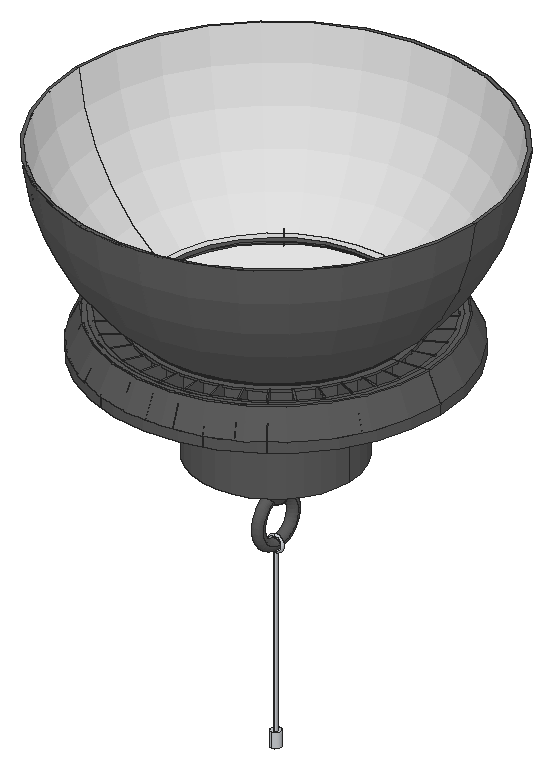
Revit family "0039367+0039360 Sylvania Lighting Fixture START HighBay IP65 DALI 26000lm 840 WB with ALU SHADE BLACK COLOR FOR 26KLM pendant", category Lighting Fixtures, host Face, Revit 2017
Family settings
  Host = Face
  Round Connector Dimension = Use Diameter
  Part Type = Normal
  OmniClass Number = 23.80.70.00
  OmniClass Title = Lighting
  Cut with Voids When Loaded = No
  Light Source = Yes
  Shared = No
  Room Calculation Point = No
Parameters (values of type "0039367+0039360 START HighBay IP65 DALI 26000lm 840 WB with ALU SHADE BLACK COLOR FOR 26KLM")
  WidthStraight_FEILO = if(SizeS_FEILO, 3 mm, if(SizeM_FEILO, 4 mm, 4.7 mm))  # 4.7 mm
  WidthRingChamfer_FEILO = if(SizeS_FEILO, 10.3 mm, if(SizeM_FEILO, 11.2 mm, 12.9 mm))  # 12.9 mm
  WidthCurved_FEILO = if(SizeS_FEILO, 17.4 mm, if(SizeM_FEILO, 16.4 mm, 26.2 mm))  # 26.2 mm
  WidthCurvedRing_FEILO = if(SizeS_FEILO, 3 mm, if(SizeM_FEILO, 4 mm, 4.7 mm))  # 4.7 mm
  WidthBracket_FEILO = 40 mm
  Weight = "3.7 kg"
  Wattage Comments = ""
  Wattage = 190 W
  WarrantyStartDate [instance] = "n/a"
  WarrantyGuarantorParts = "n/a"
  WarrantyDurationUnit = "n/a"
  WarrantyDurationParts = "n/a"
  WarrantyDescription = "n/a"
  built-in parameter 1150110 = 1 (stored number, unit not read)
  Voltage = 0 V
  VisibilityBracket_FEILO = no
  URL = "http://www.sylvania-lighting.com"
  TypeName = "START HighBay IP65 DALI 26000lm 840 WB with ALU SHADE BLACK COLOR FOR 26KLM"
  Type Image = <None>
  Type Comments = "n/a"
  built-in parameter 1114217 = 1 (stored number, unit not read)
  Tilt Angle = -90.00°
  ThicknessWall_FEILO = 1.5 mm
  ThicknessBracket_FEILO = 1.5 mm
  ThicknessBracketHalf_FEILO = ThicknessBracket_FEILO / 2  # 0.75 mm
  built-in parameter 1150109 = 1 (stored number, unit not read)
  built-in parameter 1150134 = 1
  SuspensionHeight_FEILO [instance] = 400 mm
  built-in parameter 1150113 = 1 (stored number, unit not read)
  SizeS_FEILO = no
  SizeM_FEILO = no
  ShadeThickness_FEILO = 3 mm
  ShadeSizeSM_FEILO = or(SizeS_FEILO, SizeM_FEILO)  # no
  ShadeRadiusOut_FEILO = 205 mm
  ShadeRadiusIn_FEILO = if(ShadeSizeSM_FEILO, 95 mm, 121 mm)  # 121 mm
  ShadeRadiusBend_FEILO = if(ShadeSizeSM_FEILO, 210 mm, 210 mm)  # 210 mm
  ShadeHeight_FEILO = if(ShadeSizeSM_FEILO, 120 mm, 151 mm)  # 151 mm
  SerialNumber [instance] = "n/a"
  Rib4_FEILO = if(SizeS_FEILO, 18.1 mm, if(SizeM_FEILO, 13.6 mm, 14.6 mm))  # 14.6 mm
  Rib3_FEILO = if(SizeS_FEILO, 15.3 mm, if(SizeM_FEILO, 17.6 mm, 20.2 mm))  # 20.2 mm
  Rib2_FEILO = if(SizeS_FEILO, 3.6 mm, if(SizeM_FEILO, 3.9 mm, 4.5 mm))  # 4.5 mm
  Rib1_FEILO = if(SizeS_FEILO, 15.1 mm, if(SizeM_FEILO, 16.5 mm, 19 mm))  # 19 mm
  RadiusDiffuser_FEILO = if(SizeS_FEILO, 95.2 mm, if(SizeM_FEILO, 105.3 mm, 120 mm))  # 120 mm
  RadiusArrayPost_FEILO = DriverRadius_FEILO - 6 mm  # 70.4 mm
  RHRadius3_FEILO = if(SizeS_FEILO, 6.6 mm, if(SizeM_FEILO, 7.4 mm, 8.6 mm))  # 8.6 mm
  RHRadius2_FEILO = if(SizeS_FEILO, 11 mm, if(SizeM_FEILO, 12 mm, 14 mm))  # 14 mm
  RHRadius1_FEILO = if(SizeS_FEILO, 13.6 mm, if(SizeM_FEILO, 14.9 mm, 17.7 mm))  # 17.7 mm
  RHHeight4_FEILO = if(SizeS_FEILO, 7.3 mm, if(SizeM_FEILO, 8 mm, 9.2 mm))  # 9.2 mm
  RHHeight3_FEILO = if(SizeS_FEILO, 3.6 mm, if(SizeM_FEILO, 3.7 mm, 4.6 mm))  # 4.6 mm
  RHHeight2_FEILO = if(SizeS_FEILO, 2 mm, if(SizeM_FEILO, 2.2 mm, 2.6 mm))  # 2.6 mm
  RHHeight1_FEILO = if(SizeS_FEILO, 11.8 mm, if(SizeM_FEILO, 15.3 mm, 17.4 mm))  # 17.4 mm
  Photometric Web File = "0039367+0039360.ies"
  Material_5_FEILO = Shade-Sylvania-StartHighbay-Alu
  Material_3_FEILO = LED-Sylvania-StartHighbay-Glow
  PowerFactor = 0.95
  PowerConsumption = "190 W"
  NominalLength = 339 mm
  NominalHeight = 189 mm
  NominalDepth = 339 mm
  Name = "START HighBay IP65 DALI 26000lm 840 WB with ALU SHADE BLACK COLOR FOR 26KLM"
  ModelReference = Name  # "START HighBay IP65 DALI 26000lm 840 WB with ALU SHADE BLACK COLOR FOR 26KLM"
  ModelNumber = "0039367+0039360"
  Model = Name  # "START HighBay IP65 DALI 26000lm 840 WB with ALU SHADE BLACK COLOR FOR 26KLM"
  Material = "aluminium alloy housing, polycarbonate diffuser"
  ManufacturerName = "Feilo Sylvania"
  Manufacturer = "Feilo Sylvania"
  LuminousEfficacy = "130 lm/W"
  built-in parameter 1150105 = 33569.2 (stored number, unit not read)
  Lumens = 24700 lm
  LuminaireType = ""
  built-in parameter 1150115 = 1 (stored number, unit not read)
  LightOutputRatio = "n/a"
  built-in parameter 1150137 = (empty or 0)
  built-in parameter 1150139 = (empty or 0)
  LampsType = Lamp  # "LED"
  LampNominalLuminous = "24700 lm"
  LampMacAdamStep = "6"
  LampColourTemperature = "6500 K"
  LampColourRenderingIndex = "80"
  built-in parameter 1150112 = 1 (stored number, unit not read)
  built-in parameter 1150114 = 1 (stored number, unit not read)
  Lamp = "LED"
  Keynote = "16500"
  InstallationDate [instance] = "n/a"
  InputVoltage = "n/a"
  InputNominalFrequency = "50/60 Hz"
  built-in parameter 1150132 = (empty or 0)
  built-in parameter 1150102 = (empty or 0)
  built-in parameter 1150107 = 6500 (stored number, unit not read)
  built-in parameter 1150138 = (empty or 0)
  IngressProtection = "IP65"
  ImpactProtectionIndex = "IK08"
  built-in parameter 1150106 = 335.69 (stored number, unit not read)
  IfcExportType = "IfcLightFixtureType"
  IfcExportAs = "IfcLightFixtureType"
  HeightRing_FEILO = if(SizeS_FEILO, 19.8 mm, if(SizeM_FEILO, 32 mm, 36.8 mm))  # 36.8 mm
  HeightRingChamfer_FEILO = if(SizeS_FEILO, 11.7 mm, if(SizeM_FEILO, 23.2 mm, 26.6 mm))  # 26.6 mm
  EyeThickness_FEILO = if(SizeS_FEILO, 8.4 mm, if(SizeM_FEILO, 9.2 mm, 10.5 mm))  # 10.5 mm
  EyeThicknessHalf_FEILO = EyeThickness_FEILO / 2  # 5.25 mm
  EyeInner_FEILO = if(SizeS_FEILO, 13.8 mm, if(SizeM_FEILO, 15.1 mm, 17.3 mm))  # 17.3 mm
  ExpectedLife = 50000
  Emit from Circle Diameter = RadiusDiffuser_FEILO * 2  # 240 mm
  Emit Shape Visible in Rendering = no
  ElectricShockClassification = "Class I"
  built-in parameter 1150104 = 12.077 (stored number, unit not read)
  DurationUnit = "hours"
  DriverVerticalStraight_FEILO = if(SizeS_FEILO, 46.5 mm, if(SizeM_FEILO, 49.7 mm, 57 mm))  # 57 mm
  DriverVerticalChamfer_FEILO = if(SizeS_FEILO, 7.5 mm, if(SizeM_FEILO, 8.2 mm, 9.5 mm))  # 9.5 mm
  DriverRadius_FEILO = if(SizeS_FEILO, 61.4 mm, if(SizeM_FEILO, 67.2 mm, 76.4 mm))  # 76.4 mm
  DriverRadiusTop_FEILO = if(SizeS_FEILO, 42 mm, if(SizeM_FEILO, 45.3 mm, 52.4 mm))  # 52.4 mm
  DriverBottom_FEILO = if(SizeS_FEILO, 56 mm, if(SizeM_FEILO, 64.5 mm, 74 mm))  # 74 mm
  DocumentationLiterature = "http://www.sylvania-lighting.com/product/en-int/products/0039367"
  DimmingControlOptions = "Dimmable"
  Material_2_FEILO = Diffuser-Sylvania-StartHighbay-Transparent
  Radius_FEILO = if(SizeS_FEILO, 135 mm, if(SizeM_FEILO, 148 mm, 169.5 mm))  # 169.5 mm
  Dimming Lamp Color Temperature Shift = <None>
  DiameterWire_FEILO = 3 mm
  DiameterWireSupport_FEILO = 10 mm
  Description = "START Highbay, includes 1 m cables, black aluminium housing, 24,700 Lm, 190 W, 130 Lm/W, 6500 K, drive current: 4100 mA, CRI 80, 90° beam angle, DALI dimmable, IP65, IK08, 50,000 hrs (L80/B50), (D x H) 339 x 189 mm."
  Default Elevation = 1219.2 mm
  CreatedOn = "5/15/2018"
  CreatedBy = ""
  Cost = 0
  Color Filter = 16777215
  built-in parameter 1114216 [instance] = (empty or 0)
  ClassificationValue = "EF_70_80"
  ClassificationName = "Uniclass2015"
  Material_1_FEILO = Body-Sylvania-StartHighbay-Black
  BarCode [instance] = "n/a"
  built-in parameter 1114218 = 1 (stored number, unit not read)
  built-in parameter 1150133 = 10 (stored number, unit not read)
  AssetType = "Fixed"
  AssetIdentifier [instance] = "n/a"
  Assembly Code = "D5020200"
  Apparent Load = 190 VA
  Material_4_FEILO = Shade-Sylvania-StartHighbay-Black
Reference planes
  plane 1 "Center (Front/Back)": y = 0
  plane 2: z = 0
  plane 3 "Center (Left/Right)": x = 0
  plane 4: z = 400
  plane 5: x = -169.5
  plane 6: x = -156.6
  plane 7: z = 373.4
  plane 8: z = 363.2
  plane 9: x = -151.9
  plane 10: z = 397.375
  plane 11: x = -125.7
  plane 12: x = -120
  plane 13: x = -147.2
  plane 14: z = 398.375
  plane 15: z = 396.375
  plane 16: x = -117
  plane 17: z = 395.375
  plane 18: x = -168
  plane 19: x = -150.5
  plane 20: z = 358.7
  plane 21: x = -130.3
  plane 22: z = 344.1
  plane 23: x = -20
  plane 24: z = 326
  plane 25: x = -76.4
  plane 26: z = 269
  plane 27: x = -52.4
  plane 28: z = 259.5
  plane 29: x = -17.7
  plane 30: z = 242.1
  plane 31: z = 239.5
  plane 32: x = -14
  plane 33: z = 234.9
  plane 34: z = 225.7
  plane 35: x = -8.6
  plane 36: z = 208.4
  plane 37: z = 191.1
  plane 38: x = 5.25
  plane 39: x = -5.25
  plane 40: z = 180.6
  plane 41: z = 185.85
  plane 42: x = -162.3
  plane 43: x = -167
  plane 44: z = 361.7
  plane 45: x = -155.1
  plane 46: z = 297.5
  plane 47: y = -20
  plane 48: y = 20
  plane 49: x = 169.5
  plane 50: x = 156.6
  plane 51: x = 168
  plane 52: x = 162.3
  plane 53: x = 167
  plane 54: x = 155.1
  plane 55: z = 194.1
  plane 56: y = 1.5
  plane 57: y = -1.5
  plane 58: z = 192.6
  plane 59: z = 179.1
  plane 60: z = 177.6
  plane 61: y = -5
  plane 62: y = 5
  plane 63: z = 14
  plane 64: x = -205
  plane 65: z = 551
  plane 66: x = -121
  plane 67: x = -113
  plane 68: x = -202
  plane 69: z = 403
Forms (mm)
  Revolve 1, solid, material "Body-Sylvania-StartHighbay-Black" <- "Material_1_FEILO", detail levels medium+fine
    sketch origin (0, 0, 0) x (1, 0, 0) y (0, 0, 1)
      loop
        line (-169.5, 363.2) -> (-168, 363.2) -> (-168, 373.055) -> (-156.206, 397.375) -> (-147.2, 397.375) -> (-147.2, 399.137)
        arc (-147.2, 399.137) -> (-149.554, 399.547) -> (-151.9, 400) r 132.063
        line (-151.9, 400) -> (-156.141, 400)
        arc (-156.141, 400) -> (-156.63, 399.826) -> (-156.899, 399.383) r 0.774
        line (-156.899, 399.383) -> (-169.5, 373.4) -> (-169.5, 363.2)
      axis (0, 400) -> (0, 363.2)
    angle from 360 to 0
  Revolve 2, solid, material "Body-Sylvania-StartHighbay-Black" <- "Material_1_FEILO", detail levels medium+fine
    sketch origin (0, 0, 0) x (1, 0, 0) y (0, 0, 1)
      loop
        line (-125.7, 395.375) -> (-120, 395.375) -> (-120, 373.4) -> (0, 373.4) -> (0, 395.375) -> (-117, 395.375) -> (-117, 396.375) -> (-120, 396.375) -> (-120, 397.375) -> (-125.7, 397.375) -> (-125.7, 395.375)
      axis (0, 397.375) -> (0, 373.4)
    angle from 360 to 0
  Revolve 3, solid, material "Diffuser-Sylvania-StartHighbay-Transparent" <- "Material_2_FEILO", detail levels medium+fine
    sketch origin (0, 0, 0) x (1, 0, 0) y (0, 0, 1)
      loop
        line (-120, 396.375) -> (0, 396.375) -> (0, 398.375) -> (-120, 398.375) -> (-120, 396.375)
      axis (0, 398.375) -> (0, 396.375)
    angle from 360 to 0
  Revolve 4, solid, material "Body-Sylvania-StartHighbay-Black" <- "Material_1_FEILO"
    sketch origin (0, 0, 0) x (1, 0, 0) y (0, 0, 1)
      loop
        line (-76.4, 344.1) -> (-76.4, 269) -> (-52.4, 259.5) -> (-17.7, 259.5) -> (-17.7, 242.1) -> (-14, 239.5) -> (-14, 234.9) -> (-9.037, 226.426)
        arc (-9.037, 226.426) -> (-8.49, 225.894) -> (-7.753, 225.7) r 1.5
        line (-7.753, 225.7) -> (0, 225.7) -> (0, 344.1) -> (-76.4, 344.1)
      axis (0, 344.1) -> (0, 225.7)
    angle from 360 to 0
  Revolve 5, solid, material "Body-Sylvania-StartHighbay-Black" <- "Material_1_FEILO"
    sketch origin (0, 0, 0) x (1, 0, 0) y (0, 0, 1)
      loop
        circle (0, 185.85) r 5.25
      axis (5.25, 208.4) -> (-5.25, 208.4)
    angle from 360 to 0
  Extrusion 6, solid, material "Body-Sylvania-StartHighbay-Black" <- "Material_1_FEILO", visible <- "VisibilityBracket_FEILO"
    sketch origin (0, 0, 0) x (1, 0, 0) y (0, 0, 1)
      loop
        line (-167, 363.2) -> (-167, 361.7) -> (-157.35, 361.7)
        arc (-157.35, 361.7) -> (-156.82, 361.48) -> (-156.6, 360.95) r 0.75
        line (-156.6, 360.95) -> (-156.6, 297.5) -> (-155.1, 297.5) -> (-155.1, 361.7)
        arc (-155.1, 361.7) -> (-155.539, 362.761) -> (-156.6, 363.2) r 1.5
        line (-156.6, 363.2) -> (-167, 363.2)
      loop
        line (167, 363.2) -> (156.6, 363.2)
        arc (156.6, 363.2) -> (155.539, 362.761) -> (155.1, 361.7) r 1.5
        line (155.1, 361.7) -> (155.1, 297.5) -> (156.6, 297.5) -> (156.6, 360.95)
        arc (156.6, 360.95) -> (156.82, 361.48) -> (157.35, 361.7) r 0.75
        line (157.35, 361.7) -> (167, 361.7) -> (167, 363.2)
    from -20 to 20
  Extrusion 7, void
    sketch origin (0, 0, 0) x (0, 1, 0) y (0, 0, 1)
      loop
        arc (-10, 297.5) -> (-17.071, 300.429) -> (-20, 307.5) r 10
        line (-20, 307.5) -> (-25, 307.5) -> (-25, 292.5) -> (-10, 292.5) -> (-10, 297.5)
      loop
        line (10, 297.5) -> (10, 292.5) -> (25, 292.5) -> (25, 307.5) -> (20, 307.5)
        arc (20, 307.5) -> (17.071, 300.429) -> (10, 297.5) r 10
    from -156.6 to 156.6
  Revolve 8, solid, material "Body-Sylvania-StartHighbay-Black" <- "Material_1_FEILO", detail levels coarse
    sketch origin (0, 0, 0) x (1, 0, 0) y (0, 0, 1)
      loop
        line (0, 400) -> (-156.6, 400) -> (-169.5, 373.4) -> (-169.5, 363.2) -> (-150.5, 363.2) -> (-150.5, 358.7) -> (-130.3, 344.1) -> (0, 344.1) -> (0, 400)
      axis (0, 400) -> (0, 344.1)
    angle from 360 to 0
  Revolve 9, solid
    sketch origin (0, 0, 0) x (0, 1, 0) y (0, 0, 1)
      loop
        circle (0, 192.6) r 1.5
      axis (1.5, 185.85) -> (-1.5, 185.85)
    angle from 360 to 0
  Revolve 10, solid
    sketch origin (0, 0, 0) x (0, 1, 0) y (0, 0, 1)
      loop
        line (0, 0) -> (0, 179.1) -> (-1.5, 179.1) -> (-1.5, 14) -> (-5, 14) -> (-5, 0) -> (0, 0)
      axis (0, 0) -> (0, 179.1)
    angle from 360 to 0
  Revolve 11, solid, material "Shade-Sylvania-StartHighbay-Black" <- "Material_4_FEILO"
    sketch origin (0, 0, 0) x (1, 0, 0) y (0, 0, 1)
      loop
        line (-121, 400) -> (-113, 400) -> (-113, 403) -> (-120.341, 403)
        arc (-120.341, 403) -> (-177.055, 468.269) -> (-202.193, 551) r 207.203
        line (-202.193, 551) -> (-205, 551)
        arc (-205, 551) -> (-179.25, 466.46) -> (-121, 400) r 210
      axis (0, 551) -> (0, 400)
    angle from 360 to 0
Cuts and joins
  Extrusion 7 cuts Extrusion 6
Lines and regions (mm)
  reference lines
    curve 1: line (-169.5, 0, 373.4) -> (-156.6, 0, 400)
    curve 2: line (-125.7, 0, 397.375) -> (0, 0, 397.375)
    curve 3: arc (-125.7, 0, 397.375) -> (-138.866, 0, 398.033) -> (-151.9, 0, 400) r 132.063
    curve 4: line (-156.6, 0, 400) -> (-151.9, 0, 400)
    curve 5: line (-156.206, 0, 397.375) -> (-168, 0, 373.055)
    curve 6: line (-150.5, 0, 358.7) -> (-130.3, 0, 344.1)
    curve 7: line (-14, 0, 234.9) -> (-8.6, 0, 225.7)
    curve 8: circle (0, 0, 185.85) r 5.25 normal (0, -1, 0)
    curve 9: arc (-121, 0, 400) -> (-179.25, 0, 466.46) -> (-205, 0, 551) r 210
Dimensions and locks
  "Radius_FEILO": plane 3 "Center (Left/Right)" to plane 5
  "WidthRingChamfer_FEILO": plane 6 to plane 5
  "WidthStraight_FEILO": plane 9 to plane 6
  "WidthCurvedRing_FEILO": plane 13 to plane 9
  locked: plane 10 to plane 15 at 1
  locked: plane 14 to plane 10 at 1
  locked: plane 4 to plane 10 at 2.625
  locked: plane 15 to plane 17 at 1
  "ThicknessWall_FEILO": plane 18 to plane 5
  "ThicknessWall_FEILO": curve 5 to curve 1
  "HeightRingChamfer_FEILO": plane 4 to plane 7
  "HeightRing_FEILO": plane 4 to plane 8
  "RadiusDiffuser_FEILO": plane 3 "Center (Left/Right)" to plane 12
  locked: plane 16 to plane 12 at 3
  "WidthCurved_FEILO": plane 11 to plane 9
  "SuspensionHeight_FEILO": plane 4 to plane 2
  "Rib1_FEILO": plane 19 to plane 5
  "Rib2_FEILO": plane 8 to plane 20
  "Rib3_FEILO": plane 21 to plane 19
  "Rib4_FEILO": plane 20 to plane 22
  locked: plane 3 "Center (Left/Right)" to plane 23 at 20
  "DriverBottom_FEILO": plane 4 to plane 24
  "DriverRadius_FEILO": plane 3 "Center (Left/Right)" to plane 25
  "DriverVerticalStraight_FEILO": plane 24 to plane 26
  "DriverRadiusTop_FEILO": plane 3 "Center (Left/Right)" to plane 27
  "DriverVerticalChamfer_FEILO": plane 26 to plane 28
  "RHRadius1_FEILO": plane 3 "Center (Left/Right)" to plane 29
  "RHHeight2_FEILO": plane 30 to plane 31
  "RHRadius2_FEILO": plane 3 "Center (Left/Right)" to plane 32
  "RHHeight3_FEILO": plane 31 to plane 33
  "RHHeight4_FEILO": plane 33 to plane 34
  "RHRadius3_FEILO": plane 3 "Center (Left/Right)" to plane 35
  "RHHeight1_FEILO": plane 28 to plane 30
  "EyeInner_FEILO": plane 34 to plane 36
  "EyeInner_FEILO": plane 36 to plane 37
  equal spacing: plane 38, plane 3 "Center (Left/Right)", plane 39
  "EyeThickness_FEILO": plane 38 to plane 39
  "EyeThickness_FEILO": plane 37 to plane 40
  equal spacing: plane 37, plane 41, plane 40
  equal spacing: plane 6, plane 42, plane 18
  "ThicknessBracket_FEILO": plane 45 to plane 6
  "ThicknessBracket_FEILO": plane 8 to plane 44
  locked: plane 43 to plane 18 at 1
  equal spacing: plane 24, plane 46, plane 26
  equal spacing: plane 47, plane 1 "Center (Front/Back)", plane 48
  "WidthBracket_FEILO": plane 47 to plane 48
  "WidthRingChamfer_FEILO": plane 50 to plane 49
  "ThicknessWall_FEILO": plane 51 to plane 49
  equal spacing: plane 50, plane 52, plane 51
  "ThicknessBracket_FEILO": plane 54 to plane 50
  locked: plane 53 to plane 51 at 1
  "Radius_FEILO": plane 49 to plane 3 "Center (Left/Right)"
  equal spacing: plane 57, imposter light, plane 56
  "DiameterWire_FEILO": plane 57 to plane 56
  "DiameterWire_FEILO": plane 37 to plane 55
  equal spacing: plane 37, plane 58, plane 55
  "DiameterWire_FEILO": plane 60 to plane 40
  equal spacing: plane 60, plane 59, plane 40
  equal spacing: plane 61, plane 1 "Center (Front/Back)", plane 62
  "DiameterWireSupport_FEILO": plane 61 to plane 62
  locked: plane 63 to plane 2 at 14
  "ShadeRadiusOut_FEILO": plane 3 "Center (Left/Right)" to plane 64
  "ShadeHeight_FEILO": plane 65 to plane 4
  "ShadeRadiusIn_FEILO": plane 3 "Center (Left/Right)" to plane 66
  locked: plane 67 to plane 66 at 8
  "ShadeThickness_FEILO": plane 69 to plane 4
  "ShadeThickness_FEILO": plane 68 to plane 64
  "EyeThicknessHalf_FEILO": radius of curve 8
  "ThicknessBracket_FEILO": radius of Extrusion 6 sketch curve  (x2)
  "ThicknessBracketHalf_FEILO": radius of Extrusion 6 sketch curve  (x2)
  "DiameterWire_FEILO": diameter of Revolve 9 sketch curve
  "ShadeRadiusBend_FEILO": radius of curve 9
  aligned and locked: plane 2 to host face
  aligned and locked: level to host face
  aligned and locked: plane 5 to curve 1
  aligned and locked: plane 6 to curve 1
  aligned and locked: plane 7 to curve 1
  aligned and locked: plane 10 to curve 2
  aligned and locked: plane 9 to curve 3
  aligned and locked: plane 4 to curve 3
  aligned and locked: plane 11 to curve 3
  aligned and locked: plane 4 to curve 4
  aligned and locked: plane 18 to curve 5
  aligned and locked: plane 10 to curve 5
  aligned and locked: Revolve 1 sketch curve to plane 3 "Center (Left/Right)"
  aligned and locked: Revolve 1 sketch curve to curve 3
  aligned and locked: Revolve 1 sketch curve to curve 1
  aligned and locked: plane 4 to Revolve 1 sketch curve
  aligned and locked: plane 9 to Revolve 1 sketch curve
  aligned and locked: Revolve 1 sketch curve to plane 13
  aligned and locked: Revolve 1 sketch curve to plane 10
  aligned and locked: plane 13 to Revolve 1 sketch curve
  aligned and locked: plane 10 to Revolve 1 sketch curve
  aligned and locked: Revolve 1 sketch curve to plane 18
  aligned and locked: Revolve 1 sketch curve to plane 8
  aligned and locked: plane 5 to Revolve 1 sketch curve  (x2)
  aligned and locked: Revolve 2 sketch curve to plane 3 "Center (Left/Right)"
  aligned and locked: plane 11 to Revolve 2 sketch curve
  aligned and locked: Revolve 2 sketch curve to curve 2
  aligned and locked: plane 15 to Revolve 2 sketch curve
  aligned and locked: Revolve 2 sketch curve to plane 16
  aligned and locked: plane 17 to Revolve 2 sketch curve  (x2)
  aligned and locked: Revolve 2 sketch curve to plane 12
  aligned and locked: plane 7 to Revolve 2 sketch curve
  aligned and locked: Revolve 3 sketch curve to plane 3 "Center (Left/Right)"
  aligned and locked: Revolve 3 sketch curve to plane 14
  aligned and locked: plane 3 "Center (Left/Right)" to Revolve 3 sketch curve
  aligned and locked: Revolve 3 sketch curve to plane 12
  aligned and locked: plane 15 to Revolve 3 sketch curve
  aligned and locked: Revolve 1 sketch curve to curve 5
  aligned and locked: plane 22 to curve 6
  aligned and locked: plane 21 to curve 6
  aligned and locked: plane 20 to curve 6
  aligned and locked: plane 19 to curve 6
  aligned and locked: plane 33 to curve 7
  aligned and locked: plane 32 to curve 7
  aligned and locked: plane 35 to curve 7
  aligned and locked: plane 34 to curve 7
  aligned and locked: Revolve 4 sketch curve to plane 3 "Center (Left/Right)"
  aligned and locked: Revolve 4 sketch curve to plane 25
  aligned and locked: plane 27 to Revolve 4 sketch curve
  aligned and locked: plane 28 to Revolve 4 sketch curve
  aligned and locked: plane 30 to Revolve 4 sketch curve
  aligned and locked: Revolve 4 sketch curve to plane 29
  aligned and locked: plane 31 to Revolve 4 sketch curve
  aligned and locked: Revolve 4 sketch curve to curve 7
  aligned and locked: Revolve 4 sketch curve to plane 32
  aligned and locked: plane 34 to Revolve 4 sketch curve
  aligned and locked: plane 3 "Center (Left/Right)" to Revolve 4 sketch curve
  aligned and locked: plane 3 "Center (Left/Right)" to curve 8
  aligned and locked: plane 41 to curve 8
  aligned and locked: Revolve 5 sketch curve to plane 36
  aligned and locked: Revolve 5 sketch curve to curve 8
  aligned and locked: plane 43 to Extrusion 6 sketch curve  (x2)
  aligned and locked: plane 8 to Extrusion 6 sketch curve  (x3)
  aligned and locked: Extrusion 6 sketch curve to plane 45
  aligned and locked: Extrusion 6 sketch curve to plane 46  (x2)
  aligned and locked: plane 6 to Extrusion 6 sketch curve
  aligned and locked: Extrusion 6 sketch curve to plane 44  (x2)
  aligned and locked: Extrusion 6 to plane 48
  aligned and locked: plane 47 to Extrusion 6
  aligned and locked: plane 53 to Extrusion 6 sketch curve
  aligned and locked: plane 50 to Extrusion 6 sketch curve
  aligned and locked: Extrusion 6 sketch curve to plane 54
  aligned and locked: Extrusion 7 sketch curve to Extrusion 7 sketch curve
  aligned and locked: Extrusion 7 to plane 6
  aligned and locked: Extrusion 7 to Extrusion 6
  aligned and locked: Revolve 4 sketch curve to plane 22
  aligned and locked: plane 23 to nested 1
  aligned and locked: plane 1 "Center (Front/Back)" to nested 1
  aligned and locked: Revolve 8 sketch curve to plane 3 "Center (Left/Right)"
  aligned and locked: Revolve 8 sketch curve to plane 4
  aligned and locked: plane 6 to Revolve 8 sketch curve
  aligned and locked: plane 4 to Revolve 8 sketch curve
  aligned and locked: plane 7 to Revolve 8 sketch curve
  aligned and locked: Revolve 8 sketch curve to plane 5
  aligned and locked: plane 8 to Revolve 8 sketch curve  (x2)
  aligned and locked: Revolve 8 sketch curve to plane 19
  aligned and locked: plane 20 to Revolve 8 sketch curve
  aligned and locked: plane 19 to Revolve 8 sketch curve
  aligned and locked: plane 21 to Revolve 8 sketch curve
  aligned and locked: plane 22 to Revolve 8 sketch curve  (x2)
  aligned and locked: Revolve 8 sketch curve to Revolve 8 sketch curve
  aligned and locked: imposter light to plane 4
  aligned and locked: plane 3 "Center (Left/Right)" to imposter light
  aligned and locked: imposter light to plane 1 "Center (Front/Back)"
  aligned and locked: Revolve 9 sketch curve to plane 41
  aligned and locked: Revolve 10 sketch curve to plane 1 "Center (Front/Back)"
  aligned and locked: plane 1 "Center (Front/Back)" to Revolve 10 sketch curve  (x2)
  aligned and locked: host face to Revolve 10 sketch curve
  aligned and locked: plane 63 to Revolve 10 sketch curve
  aligned and locked: Revolve 10 sketch curve to plane 61
  aligned and locked: Revolve 10 sketch curve to plane 57
  aligned and locked: plane 59 to Revolve 10 sketch curve
  aligned and locked: plane 64 to curve 9
  aligned and locked: plane 65 to curve 9
  aligned and locked: plane 66 to curve 9
  aligned and locked: plane 4 to curve 9
  aligned and locked: Revolve 11 sketch curve to curve 9
  aligned and locked: plane 67 to Revolve 11 sketch curve
  aligned and locked: plane 66 to Revolve 11 sketch curve
  aligned and locked: plane 65 to Revolve 11 sketch curve  (x2)
  aligned and locked: Revolve 11 sketch curve to plane 67
  aligned and locked: plane 69 to Revolve 11 sketch curve
Automatic sketch dimensions
  host sketch curve to host sketch curve = 2438.4 mm  (x2)
  Revolve 1 sketch curve to plane 6 = 0.299 mm
  plane 6 to Revolve 1 sketch curve = 0.459 mm
  Revolve 1 sketch curve to level = 609.6 mm
  Revolve 1 sketch curve to Revolve 1 sketch curve = 2312.223 mm
  Revolve 2 sketch curve to plane 12 = 0 mm
  Revolve 2 sketch curve to plane 3 "Center (Left/Right)" = 0 mm
  Revolve 2 sketch curve to level = 609.6 mm
  Revolve 2 sketch curve to plane 4 = 2339.058 mm
  Revolve 3 sketch curve to level = 609.6 mm
  Revolve 3 sketch curve to plane 4 = 2339.058 mm
  Revolve 5 sketch curve to plane 5 = 1080 mm
  plane 38 to Revolve 5 sketch curve = 1219.2 mm
  Extrusion 7 sketch curve to plane 47 = 0 mm
  plane 46 to Extrusion 7 sketch curve = 0 mm  (x2)
  Extrusion 7 sketch curve to plane 48 = 0 mm
  plane 47 to Extrusion 7 sketch curve = 5 mm
  plane 1 "Center (Front/Back)" to Extrusion 7 sketch curve = 10 mm
  Extrusion 7 sketch curve to Extrusion 7 sketch curve = 10 mm
  plane 46 to Extrusion 7 sketch curve = 5 mm
  Extrusion 7 sketch curve to Extrusion 7 sketch curve = 5 mm
  Extrusion 7 sketch curve to plane 48 = 5 mm
  Revolve 4 sketch curve to plane 26 = 0 mm
  Revolve 4 sketch curve to plane 35 = 0.437 mm
  plane 35 to Revolve 4 sketch curve = 0.847 mm
  Revolve 4 sketch curve to plane 34 = 0.726 mm
  plane 40 to Revolve 4 sketch curve = 590.2 mm
  Revolve 4 sketch curve to plane 4 = 2339.058 mm
  Revolve 8 sketch curve to level = 609.6 mm
  Revolve 8 sketch curve to Revolve 8 sketch curve = 2386.058 mm
  Revolve 9 sketch curve to plane 1 "Center (Front/Back)" = 0 mm
  plane 58 to Revolve 9 sketch curve = 0 mm
  plane 47 to Revolve 9 sketch curve = 2534.941 mm
  Revolve 9 sketch curve to plane 48 = 2077.409 mm
  Revolve 10 sketch curve to Revolve 10 sketch curve = 609.6 mm
  Revolve 10 sketch curve to plane 4 = 2123.807 mm
  curve 2 to plane 3 "Center (Left/Right)" = 0 mm
  Revolve 11 sketch curve to Revolve 11 sketch curve = 0 mm  (x2)
  Revolve 11 sketch curve to plane 3 "Center (Left/Right)" = 0 mm
  plane 66 to Revolve 11 sketch curve = 0.659 mm
  Revolve 11 sketch curve to level = 609.6 mm
  Revolve 11 sketch curve to Revolve 11 sketch curve = 2068.248 mm
Nested families
  nested 1: "Start Highbay Rib" at (0, 0, 397.375), type "Type Name", detail levels medium+fine
    with SuspensionHeight_FEILO 2.6 mm
  nested 2: "Start Highbay Rib" at (0, 0, 397.375) x (0.9877, 0.1564, 0) z (0, 0, 1), type "Type Name", detail levels medium+fine
    with SuspensionHeight_FEILO 2.6 mm
  nested 3: "Start Highbay Rib" at (0, 0, 397.375) x (0.9511, 0.309, 0) z (0, 0, 1), type "Type Name", detail levels medium+fine
    with SuspensionHeight_FEILO 2.6 mm
  nested 4: "Start Highbay Rib" at (0, 0, 397.375) x (0.891, 0.454, 0) z (0, 0, 1), type "Type Name", detail levels medium+fine
    with SuspensionHeight_FEILO 2.6 mm
  nested 5: "Start Highbay Rib" at (0, 0, 397.375) x (0.809, 0.5878, 0) z (0, 0, 1), type "Type Name", detail levels medium+fine
    with SuspensionHeight_FEILO 2.6 mm
  nested 6: "Start Highbay Rib" at (0, 0, 397.375) x (0.7071, 0.7071, 0) z (0, 0, 1), type "Type Name", detail levels medium+fine
    with SuspensionHeight_FEILO 2.6 mm
  nested 7: "Start Highbay Rib" at (0, 0, 397.375) x (0.5878, 0.809, 0) z (0, 0, 1), type "Type Name", detail levels medium+fine
    with SuspensionHeight_FEILO 2.6 mm
  nested 8: "Start Highbay Rib" at (0, 0, 397.375) x (0.454, 0.891, 0) z (0, 0, 1), type "Type Name", detail levels medium+fine
    with SuspensionHeight_FEILO 2.6 mm
  nested 9: "Start Highbay Rib" at (0, 0, 397.375) x (0.309, 0.9511, 0) z (0, 0, 1), type "Type Name", detail levels medium+fine
    with SuspensionHeight_FEILO 2.6 mm
  nested 10: "Start Highbay Rib" at (0, 0, 397.375) x (0.1564, 0.9877, 0) z (0, 0, 1), type "Type Name", detail levels medium+fine
    with SuspensionHeight_FEILO 2.6 mm
  nested 11: "Start Highbay Rib" at (0, 0, 397.375) x (0, 1, 0) z (0, 0, 1), type "Type Name", detail levels medium+fine
    with SuspensionHeight_FEILO 2.6 mm
  nested 12: "Start Highbay Rib" at (0, 0, 397.375) x (-0.1564, 0.9877, 0) z (0, 0, 1), type "Type Name", detail levels medium+fine
    with SuspensionHeight_FEILO 2.6 mm
  nested 13: "Start Highbay Rib" at (0, 0, 397.375) x (-0.309, 0.9511, 0) z (0, 0, 1), type "Type Name", detail levels medium+fine
    with SuspensionHeight_FEILO 2.6 mm
  nested 14: "Start Highbay Rib" at (0, 0, 397.375) x (-0.454, 0.891, 0) z (0, 0, 1), type "Type Name", detail levels medium+fine
    with SuspensionHeight_FEILO 2.6 mm
  nested 15: "Start Highbay Rib" at (0, 0, 397.375) x (-0.5878, 0.809, 0) z (0, 0, 1), type "Type Name", detail levels medium+fine
    with SuspensionHeight_FEILO 2.6 mm
  nested 16: "Start Highbay Rib" at (0, 0, 397.375) x (-0.7071, 0.7071, 0) z (0, 0, 1), type "Type Name", detail levels medium+fine
    with SuspensionHeight_FEILO 2.6 mm
  nested 17: "Start Highbay Rib" at (0, 0, 397.375) x (-0.809, 0.5878, 0) z (0, 0, 1), type "Type Name", detail levels medium+fine
    with SuspensionHeight_FEILO 2.6 mm
  nested 18: "Start Highbay Rib" at (0, 0, 397.375) x (-0.891, 0.454, 0) z (0, 0, 1), type "Type Name", detail levels medium+fine
    with SuspensionHeight_FEILO 2.6 mm
  nested 19: "Start Highbay Rib" at (0, 0, 397.375) x (-0.9511, 0.309, 0) z (0, 0, 1), type "Type Name", detail levels medium+fine
    with SuspensionHeight_FEILO 2.6 mm
  nested 20: "Start Highbay Rib" at (0, 0, 397.375) x (-0.9877, 0.1564, 0) z (0, 0, 1), type "Type Name", detail levels medium+fine
    with SuspensionHeight_FEILO 2.6 mm
  nested 21: "Start Highbay Rib" at (0, 0, 397.375) x (-1, 0, 0) z (0, 0, 1), type "Type Name", detail levels medium+fine
    with SuspensionHeight_FEILO 2.6 mm
  nested 22: "Start Highbay Rib" at (0, 0, 397.375) x (-0.9877, -0.1564, 0) z (0, 0, 1), type "Type Name", detail levels medium+fine
    with SuspensionHeight_FEILO 2.6 mm
  nested 23: "Start Highbay Rib" at (0, 0, 397.375) x (-0.9511, -0.309, 0) z (0, 0, 1), type "Type Name", detail levels medium+fine
    with SuspensionHeight_FEILO 2.6 mm
  nested 24: "Start Highbay Rib" at (0, 0, 397.375) x (-0.891, -0.454, 0) z (0, 0, 1), type "Type Name", detail levels medium+fine
    with SuspensionHeight_FEILO 2.6 mm
  nested 25: "Start Highbay Rib" at (0, 0, 397.375) x (-0.809, -0.5878, 0) z (0, 0, 1), type "Type Name", detail levels medium+fine
    with SuspensionHeight_FEILO 2.6 mm
  nested 26: "Start Highbay Rib" at (0, 0, 397.375) x (-0.7071, -0.7071, 0) z (0, 0, 1), type "Type Name", detail levels medium+fine
    with SuspensionHeight_FEILO 2.6 mm
  nested 27: "Start Highbay Rib" at (0, 0, 397.375) x (-0.5878, -0.809, 0) z (0, 0, 1), type "Type Name", detail levels medium+fine
    with SuspensionHeight_FEILO 2.6 mm
  nested 28: "Start Highbay Rib" at (0, 0, 397.375) x (-0.454, -0.891, 0) z (0, 0, 1), type "Type Name", detail levels medium+fine
    with SuspensionHeight_FEILO 2.6 mm
  nested 29: "Start Highbay Rib" at (0, 0, 397.375) x (-0.309, -0.9511, 0) z (0, 0, 1), type "Type Name", detail levels medium+fine
    with SuspensionHeight_FEILO 2.6 mm
  nested 30: "Start Highbay Rib" at (0, 0, 397.375) x (-0.1564, -0.9877, 0) z (0, 0, 1), type "Type Name", detail levels medium+fine
    with SuspensionHeight_FEILO 2.6 mm
  nested 31: "Start Highbay Rib" at (0, 0, 397.375) x (0, -1, 0) z (0, 0, 1), type "Type Name", detail levels medium+fine
    with SuspensionHeight_FEILO 2.6 mm
  nested 32: "Start Highbay Rib" at (0, 0, 397.375) x (0.1564, -0.9877, 0) z (0, 0, 1), type "Type Name", detail levels medium+fine
    with SuspensionHeight_FEILO 2.6 mm
  nested 33: "Start Highbay Rib" at (0, 0, 397.375) x (0.309, -0.9511, 0) z (0, 0, 1), type "Type Name", detail levels medium+fine
    with SuspensionHeight_FEILO 2.6 mm
  nested 34: "Start Highbay Rib" at (0, 0, 397.375) x (0.454, -0.891, 0) z (0, 0, 1), type "Type Name", detail levels medium+fine
    with SuspensionHeight_FEILO 2.6 mm
  nested 35: "Start Highbay Rib" at (0, 0, 397.375) x (0.5878, -0.809, 0) z (0, 0, 1), type "Type Name", detail levels medium+fine
    with SuspensionHeight_FEILO 2.6 mm
  nested 36: "Start Highbay Rib" at (0, 0, 397.375) x (0.7071, -0.7071, 0) z (0, 0, 1), type "Type Name", detail levels medium+fine
    with SuspensionHeight_FEILO 2.6 mm
  nested 37: "Start Highbay Rib" at (0, 0, 397.375) x (0.809, -0.5878, 0) z (0, 0, 1), type "Type Name", detail levels medium+fine
    with SuspensionHeight_FEILO 2.6 mm
  nested 38: "Start Highbay Rib" at (0, 0, 397.375) x (0.891, -0.454, 0) z (0, 0, 1), type "Type Name", detail levels medium+fine
    with SuspensionHeight_FEILO 2.6 mm
  nested 39: "Start Highbay Rib" at (0, 0, 397.375) x (0.9511, -0.309, 0) z (0, 0, 1), type "Type Name", detail levels medium+fine
    with SuspensionHeight_FEILO 2.6 mm
  nested 40: "Start Highbay Rib" at (0, 0, 397.375) x (0.9877, -0.1564, 0) z (0, 0, 1), type "Type Name", detail levels medium+fine
    with SuspensionHeight_FEILO 2.6 mm
Connectors
  electrical at (0, 0, 0), driven by "Apparent Load", driven by "PowerFactor", driven by "Voltage"
    settings: index 1, voltage 0 V, apparent load 190 VA, apparent load phase1 0 VA, apparent load phase2 0 VA, apparent load phase3 0 VA, power factor 0.95, load classification "Lighting", number of poles 1, system type 30, power factor state 1, is connector primary yes, connector utility no, sub classification motor no, connector description ""
Definition of nested family "Start Highbay Rib"
  Parameters (values of type "Type Name")
    WidthStraight_FEILO = if(SizeS_FEILO, 3 mm, if(SizeM_FEILO, 4 mm, 4.7 mm))  # 3 mm
    WidthRingChamfer_FEILO = if(SizeS_FEILO, 10.3 mm, if(SizeM_FEILO, 11.2 mm, 12.9 mm))  # 10.3 mm
    WidthCurved_FEILO = if(SizeS_FEILO, 17.4 mm, if(SizeM_FEILO, 16.4 mm, 26.2 mm))  # 17.4 mm
    WidthCurvedRing_FEILO = if(SizeS_FEILO, 3 mm, if(SizeM_FEILO, 4 mm, 4.7 mm))  # 3 mm
    WidthBracket_FEILO = 40 mm
    URL = "http://www.feilosylvania.com"
    Type Image = (empty or 0)
    Type Comments = "n/a"
    ThicknessWall_FEILO = 1.5 mm
    ThicknessBracket_FEILO = 1.5 mm
    ThicknessBracketHalf_FEILO = ThicknessBracket_FEILO / 2  # 0.75 mm
    SuspensionHeight_FEILO [instance] = 2.6 mm
    SizeS_FEILO = yes
    SizeM_FEILO = no
    Rib4_FEILO = if(SizeS_FEILO, 18.1 mm, if(SizeM_FEILO, 13.6 mm, 14.6 mm))  # 18.1 mm
    Rib3_FEILO = if(SizeS_FEILO, 15.3 mm, if(SizeM_FEILO, 17.6 mm, 20.2 mm))  # 15.3 mm
    Rib2_FEILO = if(SizeS_FEILO, 3.6 mm, if(SizeM_FEILO, 3.9 mm, 4.5 mm))  # 3.6 mm
    Rib1_FEILO = if(SizeS_FEILO, 15.1 mm, if(SizeM_FEILO, 16.5 mm, 19 mm))  # 15.1 mm
    RadiusRib_FEILO = 2 mm
    RadiusDiffuser_FEILO = if(SizeS_FEILO, 95.2 mm, if(SizeM_FEILO, 105.3 mm, 120 mm))  # 95.2 mm
    RHRadius3_FEILO = if(SizeS_FEILO, 6.6 mm, if(SizeM_FEILO, 7.4 mm, 8.6 mm))  # 6.6 mm
    RHRadius2_FEILO = if(SizeS_FEILO, 11 mm, if(SizeM_FEILO, 12 mm, 14 mm))  # 11 mm
    RHRadius1_FEILO = if(SizeS_FEILO, 13.6 mm, if(SizeM_FEILO, 14.9 mm, 17.7 mm))  # 13.6 mm
    RHHeight4_FEILO = if(SizeS_FEILO, 7.3 mm, if(SizeM_FEILO, 8 mm, 9.2 mm))  # 7.3 mm
    RHHeight3_FEILO = if(SizeS_FEILO, 3.6 mm, if(SizeM_FEILO, 3.7 mm, 4.6 mm))  # 3.6 mm
    RHHeight2_FEILO = if(SizeS_FEILO, 2 mm, if(SizeM_FEILO, 2.2 mm, 2.6 mm))  # 2 mm
    RHHeight1_FEILO = if(SizeS_FEILO, 11.8 mm, if(SizeM_FEILO, 15.3 mm, 17.4 mm))  # 11.8 mm
    Material_3_FEILO = none
    Model = ""
    Manufacturer = "Feilo Sylvania"
    Keynote = "16500"
    HeightRing_FEILO = if(SizeS_FEILO, 19.8 mm, if(SizeM_FEILO, 32 mm, 36.8 mm))  # 19.8 mm
    HeightRingChamfer_FEILO = if(SizeS_FEILO, 11.7 mm, if(SizeM_FEILO, 23.2 mm, 26.6 mm))  # 11.7 mm
    EyeThickness_FEILO = if(SizeS_FEILO, 8.4 mm, if(SizeM_FEILO, 9.2 mm, 10.5 mm))  # 8.4 mm
    EyeThicknessHalf_FEILO = EyeThickness_FEILO / 2  # 4.2 mm
    EyeInner_FEILO = if(SizeS_FEILO, 13.8 mm, if(SizeM_FEILO, 15.1 mm, 17.3 mm))  # 13.8 mm
    DriverVerticalStraight_FEILO = if(SizeS_FEILO, 46.5 mm, if(SizeM_FEILO, 49.7 mm, 57 mm))  # 46.5 mm
    DriverVerticalChamfer_FEILO = if(SizeS_FEILO, 7.5 mm, if(SizeM_FEILO, 8.2 mm, 9.5 mm))  # 7.5 mm
    DriverRadius_FEILO = if(SizeS_FEILO, 61.4 mm, if(SizeM_FEILO, 67.2 mm, 76.4 mm))  # 61.4 mm
    DriverRadiusTop_FEILO = if(SizeS_FEILO, 42 mm, if(SizeM_FEILO, 45.3 mm, 52.4 mm))  # 42 mm
    DriverBottom_FEILO = if(SizeS_FEILO, 56 mm, if(SizeM_FEILO, 64.5 mm, 74 mm))  # 56 mm
    Material_2_FEILO = none
    Radius_FEILO = if(SizeS_FEILO, 135 mm, if(SizeM_FEILO, 148 mm, 169.5 mm))  # 135 mm
    Description = ""
    Default Elevation = 1219.2 mm
    Cost = 0
    Material_1_FEILO = none
    Assembly Code = "D5020200"
    Material_4_FEILO = none
  Reference planes
    plane 1 "Center (Front/Back)": y = 0
    plane 2: z = 0
    plane 3 "Center (Left/Right)": x = 0
    plane 4: z = 2.6
    plane 5: x = -135
    plane 6: x = -124.7
    plane 7: z = -9.1
    plane 8: z = -17.2
    plane 9: x = -121.7
    plane 10: z = -0.025
    plane 11: x = -104.3
    plane 12: x = -95.2
    plane 13: x = -118.7
    plane 14: z = 0.975
    plane 15: z = -1.025
    plane 16: x = -92.2
    plane 17: z = -2.025
    plane 18: x = -133.5
    plane 19: x = -119.9
    plane 20: z = -20.8
    plane 21: x = -104.6
    plane 22: z = -38.9
    plane 23: x = -20
    plane 24: z = -53.4
    plane 25: x = -61.4
    plane 26: z = -99.9
    plane 27: x = -42
    plane 28: z = -107.4
    plane 29: x = -13.6
    plane 30: z = -119.2
    plane 31: z = -121.2
    plane 32: x = -11
    plane 33: z = -124.8
    plane 34: z = -132.1
    plane 35: x = -6.6
    plane 36: z = -145.9
    plane 37: z = -159.7
    plane 38: x = 4.2
    plane 39: x = -4.2
    plane 40: z = -168.1
    plane 41: z = -163.9
    plane 42: x = -129.1
    plane 43: x = -132.5
    plane 44: z = -18.7
    plane 45: x = -123.2
    plane 46: z = -76.65
    plane 47: y = -20
    plane 48: y = 20
    plane 49: x = 135
    plane 50: x = 124.7
    plane 51: x = 133.5
    plane 52: x = 129.1
    plane 53: x = 132.5
    plane 54: x = 123.2
    plane 55: y = 0.75
    plane 56: y = -0.75
  Forms (mm)
    Extrusion 1, solid
      sketch origin (4.2, 0, 0) x (1, 0, 0) y (0, 1, 0)
        loop
          line (-1219.2, 1219.2) -> (-1219.2, -1219.2) -> (1219.2, -1219.2) -> (1219.2, 1219.2) -> (-1219.2, 1219.2)
      from 0 to -68.017
    Extrusion 2, solid, material <- "Material_1_FEILO"
      sketch origin (0, 0, 0) x (1, 0, 0) y (0, 0, 1)
        loop
          arc (-104.3, -0.025) -> (-111.555, 0.423) -> (-118.7, 1.76) r 58.981
          line (-118.7, 1.76) -> (-118.7, -0.025) -> (-125.012, -0.025) -> (-133.5, -9.666) -> (-133.5, -17.2) -> (-119.9, -17.2) -> (-119.9, -20.068)
          arc (-119.9, -20.068) -> (-119.778, -20.755) -> (-119.427, -21.359) r 2
          line (-119.427, -21.359) -> (-104.966, -38.467)
          arc (-104.966, -38.467) -> (-104.381, -38.789) -> (-103.723, -38.9) r 2
          line (-103.723, -38.9) -> (-20, -38.9) -> (-20, -9.1) -> (-95.2, -9.1) -> (-95.2, -2.025) -> (-104.3, -2.025) -> (-104.3, -0.025)
      from -0.75 to 0.75
  Lines and regions (mm)
    reference lines
      curve 1: line (-135, 0, -9.1) -> (-124.7, 0, 2.6)
      curve 2: line (-104.3, 0, -0.025) -> (0, 0, -0.025)
      curve 3: arc (-104.3, 0, -0.025) -> (-113.098, 0, 0.635) -> (-121.7, 0, 2.6) r 58.981
      curve 4: line (-124.7, 0, 2.6) -> (-121.7, 0, 2.6)
      curve 5: line (-125.012, 0, -0.025) -> (-133.5, 0, -9.666)
      curve 6: line (-119.9, 0, -20.8) -> (-104.6, 0, -38.9)
  Dimensions and locks
    "Radius_FEILO": plane 3 "Center (Left/Right)" to plane 5
    "WidthRingChamfer_FEILO": plane 6 to plane 5
    "WidthStraight_FEILO": plane 9 to plane 6
    "WidthCurvedRing_FEILO": plane 13 to plane 9
    locked: plane 10 to plane 15 at 1
    locked: plane 14 to plane 10 at 1
    locked: plane 4 to plane 10 at 2.625
    locked: plane 15 to plane 17 at 1
    "ThicknessWall_FEILO": plane 18 to plane 5
    "ThicknessWall_FEILO": curve 5 to curve 1
    "HeightRingChamfer_FEILO": plane 4 to plane 7
    "HeightRing_FEILO": plane 4 to plane 8
    "RadiusDiffuser_FEILO": plane 3 "Center (Left/Right)" to plane 12
    locked: plane 16 to plane 12 at 3
    "WidthCurved_FEILO": plane 11 to plane 9
    "SuspensionHeight_FEILO": plane 4 to plane 2
    "Rib1_FEILO": plane 19 to plane 5
    "Rib2_FEILO": plane 8 to plane 20
    "Rib3_FEILO": plane 21 to plane 19
    "Rib4_FEILO": plane 20 to plane 22
    locked: plane 3 "Center (Left/Right)" to plane 23 at 20
    "DriverBottom_FEILO": plane 4 to plane 24
    "DriverRadius_FEILO": plane 3 "Center (Left/Right)" to plane 25
    "DriverVerticalStraight_FEILO": plane 24 to plane 26
    "DriverRadiusTop_FEILO": plane 3 "Center (Left/Right)" to plane 27
    "DriverVerticalChamfer_FEILO": plane 26 to plane 28
    "RHRadius1_FEILO": plane 3 "Center (Left/Right)" to plane 29
    "RHHeight2_FEILO": plane 30 to plane 31
    "RHRadius2_FEILO": plane 3 "Center (Left/Right)" to plane 32
    "RHHeight3_FEILO": plane 31 to plane 33
    "RHHeight4_FEILO": plane 33 to plane 34
    "RHRadius3_FEILO": plane 3 "Center (Left/Right)" to plane 35
    "RHHeight1_FEILO": plane 28 to plane 30
    "EyeInner_FEILO": plane 34 to plane 36
    "EyeInner_FEILO": plane 36 to plane 37
    equal spacing: plane 38, plane 3 "Center (Left/Right)", plane 39
    "EyeThickness_FEILO": plane 38 to plane 39
    "EyeThickness_FEILO": plane 37 to plane 40
    equal spacing: plane 37, plane 41, plane 40
    equal spacing: plane 6, plane 42, plane 18
    "ThicknessBracket_FEILO": plane 45 to plane 6
    "ThicknessBracket_FEILO": plane 8 to plane 44
    locked: plane 43 to plane 18 at 1
    equal spacing: plane 24, plane 46, plane 26
    equal spacing: plane 47, plane 1 "Center (Front/Back)", plane 48
    "WidthBracket_FEILO": plane 47 to plane 48
    "WidthRingChamfer_FEILO": plane 50 to plane 49
    "ThicknessWall_FEILO": plane 51 to plane 49
    equal spacing: plane 50, plane 52, plane 51
    "ThicknessBracket_FEILO": plane 54 to plane 50
    locked: plane 53 to plane 51 at 1
    "Radius_FEILO": plane 49 to plane 3 "Center (Left/Right)"
    equal spacing: plane 56, plane 1 "Center (Front/Back)", plane 55
    "ThicknessWall_FEILO": plane 56 to plane 55
    "RadiusRib_FEILO": radius of Extrusion 2 sketch curve  (x2)
    aligned and locked: plane 2 to Extrusion 1
    aligned and locked: level to Extrusion 1
    aligned and locked: plane 5 to curve 1
    aligned and locked: plane 6 to curve 1
    aligned and locked: plane 7 to curve 1
    aligned and locked: plane 10 to curve 2
    aligned and locked: plane 9 to curve 3
    aligned and locked: plane 4 to curve 3
    aligned and locked: plane 11 to curve 3
    aligned and locked: plane 4 to curve 4
    aligned and locked: plane 18 to curve 5
    aligned and locked: plane 10 to curve 5
    aligned and locked: plane 22 to curve 6
    aligned and locked: plane 21 to curve 6
    aligned and locked: plane 20 to curve 6
    aligned and locked: plane 19 to curve 6
    aligned and locked: Extrusion 2 sketch curve to plane 23
    aligned and locked: Extrusion 2 sketch curve to plane 22
    aligned and locked: Extrusion 2 sketch curve to curve 6
    aligned and locked: plane 19 to Extrusion 2 sketch curve
    aligned and locked: Extrusion 2 sketch curve to plane 8
    aligned and locked: Extrusion 2 sketch curve to curve 5
    aligned and locked: Extrusion 2 sketch curve to curve 3
    aligned and locked: Extrusion 2 to plane 55
    aligned and locked: plane 56 to Extrusion 2
    aligned and locked: curve 6 to Extrusion 2 sketch curve
  Automatic sketch dimensions
    Extrusion 1 sketch curve to Extrusion 1 sketch curve = 2438.4 mm  (x2)
    curve 2 to plane 3 "Center (Left/Right)" = 0 mm
    Extrusion 2 sketch curve to plane 18 = 0 mm
    Extrusion 2 sketch curve to plane 10 = 0 mm
    Extrusion 2 sketch curve to plane 13 = 0 mm
    Extrusion 2 sketch curve to plane 7 = 0 mm
    Extrusion 2 sketch curve to plane 12 = 0 mm
    Extrusion 2 sketch curve to plane 17 = 0 mm
    plane 19 to Extrusion 2 sketch curve = 0.473 mm
    Extrusion 2 sketch curve to plane 21 = 0.366 mm
